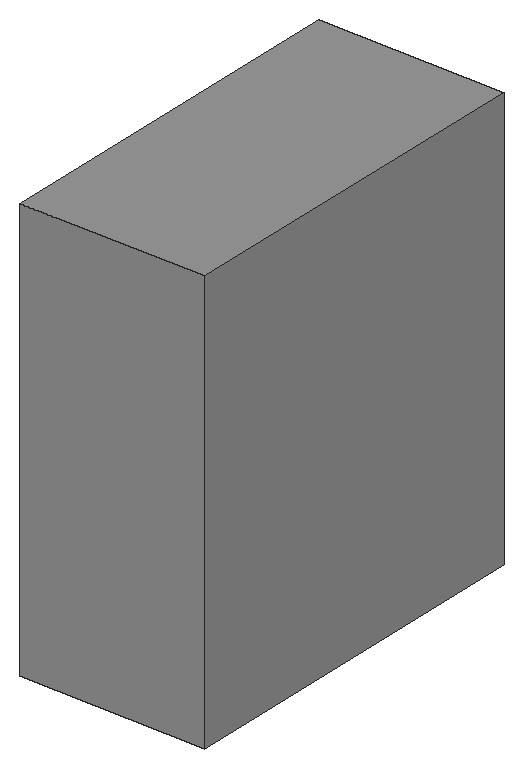
Revit family "PRE050007-FR", category Accessoire de canalisation, Revit 2017
Family settings
  Cote de connecteur circulaire = Utiliser le diamètre
  Type d'élément = Normal
  Basée sur le plan de construction = Non
  Toujours verticalement = Oui
  Couper avec des vides une fois chargée = Non
  Partagée = Non
Parameters (values of type "68232 PRESTO MITIGEUR TEMPORISE 7000 MANETTE+FLEXIBLES PEX")
  Variantes = "68232"
  LC = 27.5 mm
  Garantie = "10"
  URL Fabricant = "http://www.prestodatashare.com/centretelechargement/index.php?lang=FR&refs=68232"
  URL = "http://www.prestodatashare.com/centretelechargement/index.php?lang=FR&refs=68232"
  Lien notice d'utilisation = "http://www.prestodatashare.com/centretelechargement/support.php?lang=FR&ref=68232"
  Lien fiche produit = "http://www.prestodatashare.com/espacedoc/Fiches_Techniques/FR/68232.pdf"
  Reference = "68232"
  Pression = "1 à 5 bars"
  Polantis code = "PRE050007-FR"
  Perte de charge = 0.0 Pa
  Profondeur = 152 mm
  Modèle = "68232 PRESTO MITIGEUR TEMPORISE 7000 MANETTE+FLEXIBLES PEX"
  Matériau = Laiton poli chromé
  Lien CCTP = "http://www.prestodatashare.com/centretelechargement/index.php?lang=FR&refs=68232"
  Largeur = 75 mm
  PC = 22.5 mm
  Hauteur = 172 mm
  Fonction = "Pression d'utilisation recommandée :\r\n- 1 à 5 bars\r\n\r\nDébit :\r\n- 3 l/mn à 3 bars - Réglage 4 positions\r\n- Dispositif anti-coup de bélier\r\n\r\nDurée d'écoulement :\r\n- 15 secondes ± 5 secondes\r\n\r\nFonctionnement :\r\n- Par simple action sur la manette omnidirectionnelle (déclenchement\r\n  souple)\r\n\r\nAlimentation hydraulique :\r\n- G 3/8'' (12x17)\r\n\r\nRésistance thermique :\r\n- Ce robinet résiste à une température de 75°C durant 30 minutes dans\r\n  le cadre de chocs thermiques\r\n\r\nSécurité :\r\n- Repère par point de couleur inusable et indémontable (bleu ou rouge)\r\n\r\nLivré avec :\r\n- 2 Robinets d'arrêt MM G 3/8'' (12x17)\r\n- 2 Joints filtre\r\n- 1 Rondelle de serrage inox\r\n- 2 Flexibles PEX avec clapets anti-retour NF et écrous tournants\r\n- 1 Bride de fixation\r\n- 1 Joint de bride\r\n- 1 Ecrou de fixation\r\n- 2 Pions, bleu et rouge\r\n\r\nNormes / Agréments :\r\n- Corps en laiton chromé conforme aux normes NF EN1982 / NF EN12164 /\r\n  NF EN12165\r\n- Traitement de surface Nickel-Chrome selon NF EN12540\r\n- Résistance au brouillard salin neutre (NSS) : 200 h selon NF ISO 9227"
  Flux = 0.05 L/s
  Finition = "Corps en laiton avec finition chromée"
  Fabricant = "LES ROBINETS PRESTO S.A."
  Diamètre Nominal = 12 mm
  Description = "Mitigeur bi-commande temporisé sur plage, à manette omnidirectionnelle et sélecteur de température latéral. De type Presto 7000 réf. 68232 ou techniquement équivalent. Avec mécanisme à rubis auto nettoyé par fil frein, débit préréglé à 3 l/mn. Réglage de débit interne. Avec flexibles PEX, robinets d’arrêt et filtres."
  Debit = "3 l/min à 3 bars, réglage 4 positions\r\r\nDispositif anti-coup de bélier"
  Raccordement = "G 3/8'' (12x17)"
  Adresse = "7, RUE RACINE - 92542 MONTROUGE CEDEX FRANCE"
Reference planes
  plane 1 "Centre (avant/arrière)": y = 0
  plane 2: z = 0
  plane 3 "Centre (gauche/droite)": x = 0
  plane 4: y = -152
  plane 5: x = 75
  plane 6: z = 172
  plane 7: x = 37.5
  plane 8: z = 1
  plane 9: y = -22.5
  plane 10: x = 27.5
  plane 11: x = 47.5
Forms (mm)
  Extrusion 1, solid, material "Laiton poli chromé" <- "Matériau", detail levels fine
    sketch origin (0, 0, 0) x (1, 0, 0) y (0, 1, 0)
      loop
        line (0, 0) -> (0, -152) -> (75, -152) -> (75, 0) -> (0, 0)
    from 0 to 172
  Extrusion 2, solid, material "Laiton poli chromé" <- "Matériau", detail levels fine
    sketch origin (0, 0, 0) x (1, 0, 0) y (0, 1, 0)
      loop
        circle (27.5, -22.5) r 5
    from 0 to 1
  Extrusion 3, solid, material "Laiton poli chromé" <- "Matériau", detail levels fine
    sketch origin (0, 0, 0) x (1, 0, 0) y (0, 1, 0)
      loop
        circle (47.5, -22.5) r 5
    from 0 to 1
Cuts and joins
  joined: Extrusion 1, Extrusion 2, Extrusion 3
Dimensions and locks
  "Profondeur": plane 1 "Centre (avant/arrière)" to plane 4
  "Largeur": plane 3 "Centre (gauche/droite)" to plane 5
  "Hauteur": plane 6 to level
  equal spacing: plane 3 "Centre (gauche/droite)", plane 7, plane 5
  locked: plane 8 to plane 2 at 1
  "PC": plane 1 "Centre (avant/arrière)" to plane 9
  "LC": plane 3 "Centre (gauche/droite)" to plane 10
  "LC": plane 11 to plane 5
  aligned and locked: level to plane 2
  aligned and locked: plane 1 "Centre (avant/arrière)" to Extrusion 1 sketch curve
  aligned and locked: plane 3 "Centre (gauche/droite)" to Extrusion 1 sketch curve
  aligned and locked: plane 4 to Extrusion 1 sketch curve
  aligned and locked: plane 5 to Extrusion 1 sketch curve
  aligned and locked: plane 6 to Extrusion 1
  aligned and locked: plane 8 to Extrusion 2
  aligned and locked: plane 8 to Extrusion 3
  aligned and locked: plane 9 to nested 1
  aligned and locked: plane 7 to nested 1
  aligned and locked: nested 2 to plane 3 "Centre (gauche/droite)"
  aligned and locked: plane 1 "Centre (avant/arrière)" to nested 2
Automatic sketch dimensions
  Extrusion 2 sketch curve to plane 9 = 0 mm
  Extrusion 2 sketch curve to plane 10 = 0 mm
  Extrusion 3 sketch curve to plane 9 = 0 mm
  Extrusion 3 sketch curve to plane 11 = 0 mm
  radius of Extrusion 2 sketch curve = 5 mm
  radius of Extrusion 3 sketch curve = 5 mm
Nested families
  nested 1: "SymboliqueA6" at (0, -22.5, 0) x (0, 1, 0) z (0, 0, 1), type "SymboliqueA6", detail levels coarse+medium
  nested 2: "S2DA6" at (75, -76, 0) x (0, 1, 0) z (0, 0, 1), type "S2DA6", detail levels coarse+medium
Connectors
  piping at (27.5, -22.5, 0), diameter 12, driven by "Diamètre Nominal", driven by "Flux", driven by "Perte de charge"
    settings: on Extrusion 2, index 3, connector inside diameter 609.6 mm, connector length 0 mm, flow factor 0, pipe flow 0.05 L/s, pressure drop 0.0 Pa, fitting loss kfactor 0, connector angle 0.00°, fixture units 0, engagement length 0 mm, angle of deflection 0.00°, flow configuration 0, flow direction 1, fitting loss method 4, system type 19, joint type 0, gender type 0, connector reference index -1, connector utility 0, adjustable connector no, is connector primary yes, connector description ""
  piping at (47.5, -22.5, 0), diameter 12, driven by "Flux", driven by "Perte de charge", driven by "Diamètre Nominal"
    settings: on Extrusion 3, index 4, connector inside diameter 609.6 mm, connector length 0 mm, flow factor 0, pipe flow 0.05 L/s, pressure drop 0.0 Pa, fitting loss kfactor 0, connector angle 0.00°, fixture units 0, engagement length 0 mm, angle of deflection 0.00°, flow configuration 0, flow direction 1, fitting loss method 4, system type 20, joint type 0, gender type 0, connector reference index -1, connector utility 0, adjustable connector no, is connector primary no, connector description ""
Definition of nested family "SymboliqueA6"
  Parameters (values of type "SymboliqueA6")
    V = yes
    P = 1000 mm
    L = 1000 mm
    H = 1000 mm
  Reference planes
    plane 1 "Centre (avant/arrière)": y = 0
    plane 2: z = 0
    plane 3 "Centre (gauche/droite)": x = 0
    plane 4: y = -1000
    plane 5: x = -500
    plane 6: x = 500
    plane 7: z = 1000
    plane 8: z = 500
    plane 9: y = -500
  Lines and regions (mm)
    model lines
      curve 1: line (0, -1000, 1000) -> (0, 0, 0)
      curve 2: line (0, 0, 0) -> (0, -1000, 0)
      curve 3: line (0, -1000, 0) -> (0, 0, 1000)
      curve 4: line (0, 0, 1000) -> (0, -1000, 1000)
  Dimensions and locks
    "H": plane 7 to plane 2
    equal spacing: plane 5, plane 3 "Centre (gauche/droite)", plane 6
    "L": plane 5 to plane 6
    equal spacing: plane 7, plane 8, level
    equal spacing: plane 4, plane 9, plane 1 "Centre (avant/arrière)"
    "P": plane 1 "Centre (avant/arrière)" to plane 4
    aligned and locked: level to plane 2
  Automatic sketch dimensions
    curve 3 to level = 0 mm
    curve 1 to plane 1 "Centre (avant/arrière)" = 0 mm
    curve 1 to plane 7 = 0 mm
    curve 3 to plane 4 = 0 mm
    curve 3 to plane 1 "Centre (avant/arrière)" = 0 mm
    curve 4 to plane 4 = 0 mm
Definition of nested family "S2DA6"
  Parameters (values of type "S2DA6")
    P = 788.322 mm
    L = 1600 mm
    H = 1250.021 mm
  Reference planes
    plane 1 "Centre (avant/arrière)": y = 0
    plane 2: z = 0
    plane 3 "Centre (gauche/droite)": x = 0
    plane 4: y = 788.322
    plane 5: x = -800
    plane 6: x = 800
    plane 7: y = 394.161
    plane 8: z = 1250.021
    plane 9: z = 625.01
  Lines and regions (mm)
    symbolic lines
      curve 1: line (-800, 788.322, 0) -> (800, 0, 0)
      curve 2: line (800, 0, 0) -> (800, 788.322, 0)
      curve 3: line (800, 788.322, 0) -> (-800, 0, 0)
      curve 4: line (-800, 0, 0) -> (-800, 788.322, 0)
      curve 5: line (800, 0, 1250.021) -> (-800, 0, 1250.021)
      curve 6: line (-800, 0, 1250.021) -> (800, 0, 0)
      curve 7: line (800, 0, 0) -> (-800, 0, 0)
      curve 8: line (800, 0, 1250.021) -> (-800, 0, 0)
      curve 9: line (0, 788.322, 0) -> (0, 0, 1250.021)
      curve 10: line (0, 0, 1250.021) -> (0, 788.322, 1250.021)
      curve 11: line (0, 788.322, 1250.021) -> (0, 0, 0)
      curve 12: line (0, 0, 0) -> (0, 788.322, 0)
  Dimensions and locks
    equal spacing: plane 5, plane 3 "Centre (gauche/droite)", plane 6
    equal spacing: plane 1 "Centre (avant/arrière)", plane 7, plane 4
    "P": plane 1 "Centre (avant/arrière)" to plane 4
    "L": plane 5 to plane 6
    equal spacing: plane 8, plane 9, level
    "H": plane 8 to plane 2
    aligned and locked: level to plane 2
  Automatic sketch dimensions
    plane 1 "Centre (avant/arrière)" to curve 3 = 0 mm
    curve 1 to plane 4 = 0 mm
    curve 3 to plane 4 = 0 mm
    plane 1 "Centre (avant/arrière)" to curve 2 = 0 mm
    curve 3 to plane 6 = 0 mm
    curve 4 to plane 5 = 0 mm
    curve 10 to plane 1 "Centre (avant/arrière)" = 0 mm
    curve 10 to plane 8 = 0 mm
    curve 11 to plane 4 = 0 mm
    curve 12 to level = 0 mm
    curve 12 to plane 1 "Centre (avant/arrière)" = 0 mm
    curve 12 to plane 4 = 0 mm
    plane 5 to curve 5 = 0 mm
    curve 8 to level = 0 mm
    plane 5 to curve 8 = 0 mm
    plane 6 to curve 7 = 0 mm
    plane 6 to curve 8 = 0 mm
    curve 6 to plane 8 = 0 mm
